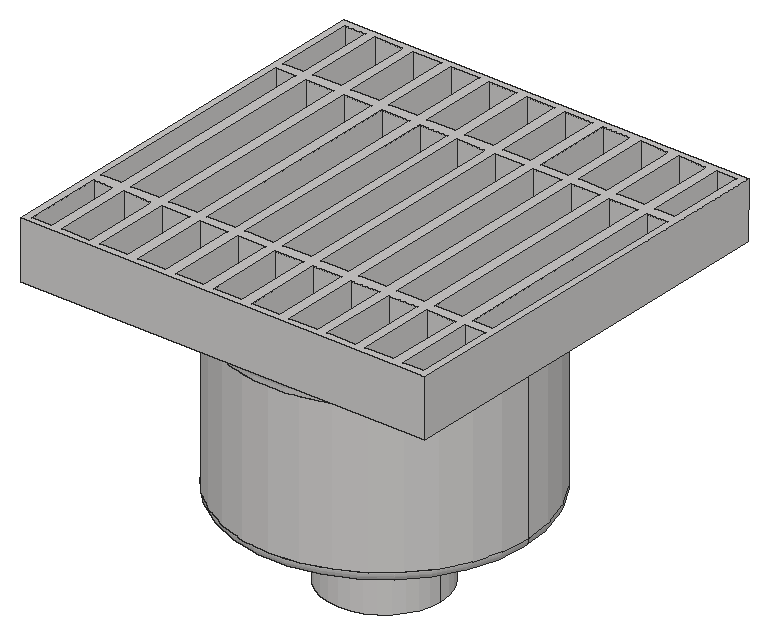
Revit family
Parameters (values of type "9614-SBG-2"")
  Width = 8"
  Waste Connection Radius = 1"
  Waste Connection Diameter = Waste Connection Radius * 2  # 2"
  Waste Connection = yes
  Vent Connection = no
  URL = "www.jrsmith.com"
  Price = "Prices may vary. Please consult Manufacturer Representative for most up-to-date price list."  # constant formula
  Phone Number = "416-250-5656"  # constant formula
  Omniclass Table 23 Title = "Waste Water Drains"  # constant formula
  Omniclass Table 23 Code = "23.70.50.21.24"  # constant formula
  Model = "9614-SBG-2\""
  Material = Metal-Jay R Smith-Stainless Steel
  Masterformat Title = "Sanitary Drains"  # constant formula
  Masterformat Number = "22 13 19.13"  # constant formula
  Manufacturer = "Jay R. Smith"
  Length = Width  # 8"
  Height = 6 3/4"
  HW Connection = no
  Description = "8\" Square topped general purpose draine with bar grating."
  Default Elevation = 0"
  Creation Date = "27/10/2014"  # constant formula
  Created By = "Allied Technical Services"  # constant formula
  CW Connection = no
  Assembly Code = "D2030300"
  ATS URL = "http://www.atsspec.net"
Types (4): name | Waste Connection Radius | Waste Connection Diameter | Model
  (no name) | 1" | 2" | "9614-SBG-2\""
  9614-SBG-2" | 1" | 2" | "9614-SBG-2\""
  9614-SBG-3" | 1 1/2" | 3" | "9614-SBG-3\""
  9614-SBG-4" | 2" | 4" | "9614-SBG-4\""
Reference planes (in)
  plane 1 "Center (Front/Back)": y = 0
  plane 2: z = 0
  plane 3 "Center (Left/Right)": x = 0
  plane 4: x = -4
  plane 5: x = 4
  plane 6: z = 6.75
  plane 7: z = 1.5
  plane 8: x = -1
  plane 9: x = 1
  plane 10: z = 5.875
Forms (in)
  Revolve 1, solid, material "Metal-Jay R Smith-Stainless Steel" <- "Material"
    sketch origin (0, 0, 0) x (1, 0, 0) y (0, 0, 1)
      loop
        line (-2.85146, 4.65452) -> (-2.85146, 1.71875)
        arc (-2.85146, 1.71875) -> (-2.78739, 1.56407) -> (-2.63271, 1.5) r 0.21875
        line (-2.63271, 1.5) -> (-1.125, 1.5) -> (-1.125, 0) -> (-1, 0) -> (-1, 5.625) -> (-3.26404, 5.625) -> (-3.26404, 5.22258)
        arc (-3.26404, 5.22258) -> (-3.22877, 5.114) -> (-3.13643, 5.04687) r 0.18476
        arc (-3.13643, 5.04687) -> (-2.93022, 4.89698) -> (-2.85146, 4.65452) r 0.41258
      axis (0, 0) -> (0, 5.625)
    angle from 0 to 360
  Extrusion 2, solid, material "Metal-Jay R Smith-Stainless Steel" <- "Material"
    sketch origin (-43.90802, -54.52824, 0) x (1, 0, 0) y (0, 1, 0)
      loop
        line (39.90802, 58.52824) -> (39.90802, 50.52824) -> (47.90802, 50.52824) -> (47.90802, 58.52824) -> (39.90802, 58.52824)
    from 5.625 to 5.875
  Extrusion 3, solid, material "Metal-Jay R Smith-Stainless Steel" <- "Material"
    sketch origin (0, 0, 0) x (1, 0, 0) y (0, 1, 0)
      loop
        line (-4, -4) -> (4, -4) -> (4, 4) -> (-4, 4) -> (-4, -4)
      loop
        line (-3.875, 3.87359) -> (-3.875, 2.344) -> (-3.469, 2.344) -> (-3.469, 3.87359) -> (-3.875, 3.87359)
      loop
        line (-3.875, 2.156) -> (-3.875, -2.156) -> (-3.469, -2.156) -> (-3.469, 2.156) -> (-3.875, 2.156)
      loop
        line (-3.281, 3.87359) -> (-3.281, 2.344) -> (-2.719, 2.344) -> (-2.719, 3.87359) -> (-3.281, 3.87359)
      loop
        line (-2.531, 3.87359) -> (-2.531, 2.344) -> (-1.969, 2.344) -> (-1.969, 3.87359) -> (-2.531, 3.87359)
      loop
        line (-1.781, 3.87359) -> (-1.781, 2.344) -> (-1.219, 2.344) -> (-1.219, 3.87359) -> (-1.781, 3.87359)
      loop
        line (-1.031, 3.87359) -> (-1.031, 2.344) -> (-0.469, 2.344) -> (-0.469, 3.87359) -> (-1.031, 3.87359)
      loop
        line (-0.281, 3.87359) -> (-0.281, 2.344) -> (0.281, 2.344) -> (0.281, 3.87359) -> (-0.281, 3.87359)
      loop
        line (0.469, 3.87359) -> (0.469, 2.344) -> (1.031, 2.344) -> (1.031, 3.87359) -> (0.469, 3.87359)
      loop
        line (1.219, 3.87359) -> (1.219, 2.344) -> (1.781, 2.344) -> (1.781, 3.87359) -> (1.219, 3.87359)
      loop
        line (1.969, 3.87359) -> (1.969, 2.344) -> (2.531, 2.344) -> (2.531, 3.87359) -> (1.969, 3.87359)
      loop
        line (2.719, 3.87359) -> (2.719, 2.344) -> (3.281, 2.344) -> (3.281, 3.87359) -> (2.719, 3.87359)
      loop
        line (3.469, 3.87359) -> (3.469, 2.344) -> (3.875, 2.344) -> (3.875, 3.87359) -> (3.469, 3.87359)
      loop
        line (-3.281, -2.344) -> (-3.281, -3.87359) -> (-2.719, -3.87359) -> (-2.719, -2.344) -> (-3.281, -2.344)
      loop
        line (-2.531, -2.344) -> (-2.531, -3.87359) -> (-1.969, -3.87359) -> (-1.969, -2.344) -> (-2.531, -2.344)
      loop
        line (-1.781, -2.344) -> (-1.781, -3.87359) -> (-1.219, -3.87359) -> (-1.219, -2.344) -> (-1.781, -2.344)
      loop
        line (-1.031, -2.344) -> (-1.031, -3.87359) -> (-0.469, -3.87359) -> (-0.469, -2.344) -> (-1.031, -2.344)
      loop
        line (-0.281, -2.344) -> (-0.281, -3.87359) -> (0.281, -3.87359) -> (0.281, -2.344) -> (-0.281, -2.344)
      loop
        line (0.469, -2.344) -> (0.469, -3.87359) -> (1.031, -3.87359) -> (1.031, -2.344) -> (0.469, -2.344)
      loop
        line (1.219, -2.344) -> (1.219, -3.87359) -> (1.781, -3.87359) -> (1.781, -2.344) -> (1.219, -2.344)
      loop
        line (1.969, -2.344) -> (1.969, -3.87359) -> (2.531, -3.87359) -> (2.531, -2.344) -> (1.969, -2.344)
      loop
        line (2.719, -2.344) -> (2.719, -3.87359) -> (3.281, -3.87359) -> (3.281, -2.344) -> (2.719, -2.344)
      loop
        line (3.469, -2.344) -> (3.469, -3.87359) -> (3.875, -3.87359) -> (3.875, -2.344) -> (3.469, -2.344)
      loop
        line (-3.875, -2.344) -> (-3.875, -3.87359) -> (-3.469, -3.87359) -> (-3.469, -2.344) -> (-3.875, -2.344)
      loop
        line (-3.281, 2.156) -> (-3.281, -2.156) -> (-2.719, -2.156) -> (-2.719, 2.156) -> (-3.281, 2.156)
      loop
        line (3.469, 2.156) -> (3.469, -2.156) -> (3.875, -2.156) -> (3.875, 2.156) -> (3.469, 2.156)
      loop
        line (-2.531, 2.156) -> (-2.531, -2.156) -> (-1.969, -2.156) -> (-1.969, 2.156) -> (-2.531, 2.156)
      loop
        line (-1.781, 2.156) -> (-1.781, -2.156) -> (-1.219, -2.156) -> (-1.219, 2.156) -> (-1.781, 2.156)
      loop
        line (-1.031, 2.156) -> (-1.031, -2.156) -> (-0.469, -2.156) -> (-0.469, 2.156) -> (-1.031, 2.156)
      loop
        line (-0.281, 2.156) -> (-0.281, -2.156) -> (0.281, -2.156) -> (0.281, 2.156) -> (-0.281, 2.156)
      loop
        line (0.469, 2.156) -> (0.469, -2.156) -> (1.031, -2.156) -> (1.031, 2.156) -> (0.469, 2.156)
      loop
        line (1.219, 2.156) -> (1.219, -2.156) -> (1.781, -2.156) -> (1.781, 2.156) -> (1.219, 2.156)
      loop
        line (1.969, 2.156) -> (1.969, -2.156) -> (2.531, -2.156) -> (2.531, 2.156) -> (1.969, 2.156)
      loop
        line (2.719, 2.156) -> (2.719, -2.156) -> (3.281, -2.156) -> (3.281, 2.156) -> (2.719, 2.156)
    from 5.875 to 6.75
Cuts and joins
  joined: Revolve 1, Extrusion 2, Extrusion 3
Dimensions and locks (in)
  "Height": plane 6 to plane 2
  "Waste Connection Diameter": plane 9 to plane 8
  "Width": plane 5 to plane 4
  plane 7 to level = 1 1/2"
  equal spacing: plane 9, plane 3 "Center (Left/Right)", plane 8
  equal spacing: plane 5, plane 3 "Center (Left/Right)", plane 4
  locked: plane 8 to Revolve 1 sketch curve at 0.125
  aligned and locked: plane 8 to Revolve 1 sketch curve
Automatic sketch dimensions
  Extrusion 2 sketch curve to plane 4 = 0"
  Extrusion 2 sketch curve to plane 5 = 0"
  plane 1 "Center (Front/Back)" to Extrusion 2 sketch curve = 4"
  Extrusion 2 sketch curve to plane 1 "Center (Front/Back)" = 4"
  plane 5 to Extrusion 3 sketch curve = 8"
  Extrusion 3 sketch curve to Extrusion 3 sketch curve = 1/8"  (x3)
  Extrusion 3 sketch curve to Extrusion 3 sketch curve = 0"  (x61)
  Extrusion 3 sketch curve to Extrusion 3 sketch curve = 0.406"  (x4)
  Extrusion 3 sketch curve to Extrusion 3 sketch curve = 0.188"  (x41)
  Extrusion 3 sketch curve to Extrusion 3 sketch curve = 0.562"  (x18)
  plane 1 "Center (Front/Back)" to Extrusion 3 sketch curve = 4"
  Extrusion 3 sketch curve to Extrusion 3 sketch curve = 0.12641"  (x3)
  Extrusion 3 sketch curve to Extrusion 3 sketch curve = 1.52959"  (x3)
  Extrusion 3 sketch curve to Extrusion 3 sketch curve = 4.312"
  Revolve 1 sketch curve to plane 7 = 0"
  Revolve 1 sketch curve to plane 3 "Center (Left/Right)" = 0"
  Revolve 1 sketch curve to level = 0"
  plane 4 to Revolve 1 sketch curve = 1.36729"
  plane 4 to Revolve 1 sketch curve = 1.14854"
  Revolve 1 sketch curve to Revolve 1 sketch curve = 0.22782"
  Revolve 1 sketch curve to level = 1 3/4"
  Revolve 1 sketch curve to Revolve 1 sketch curve = 3/4"
  Revolve 1 sketch curve to Revolve 1 sketch curve = 0.05715"
  Revolve 1 sketch curve to Revolve 1 sketch curve = 0"
  Revolve 1 sketch curve to Revolve 1 sketch curve = 0.18476"
  Revolve 1 sketch curve to Revolve 1 sketch curve = 0.97048"
  plane 10 to Revolve 1 sketch curve = 1.22048"
Connectors (in)
  piping at (0, 0, 0), driven by "Waste Connection Radius"
    settings: on cut or joined group of Revolve 1, Extrusion 2, Extrusion 3, index 1
